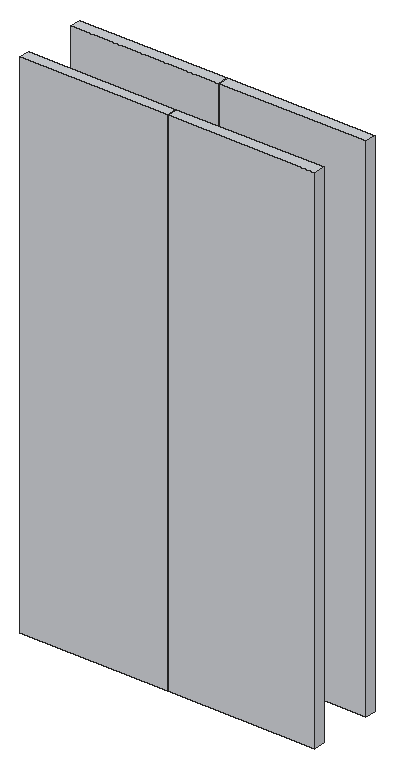
Revit family "DOOR_Double Blind", category Doors, host Wall, Revit 2024
Family settings
  Host = Wall
  Always vertical = Yes
  Cut with Voids When Loaded = No
  Shared = No
  Room Calculation Point = No
Parameters (values of type "1200mm x 2100mm")
  Width_Panel = Width / 2  # 600 mm
  Thickness = 45 mm
  Rough Width = Width + (2 * Rough In Gap)  # 1250 mm
  Rough In Gap = 25 mm
  Rough Height [instance] = Height + Rough In Gap  # 2125 mm
  Rabbit Width = 16 mm
  Rabbit Inset Distance from Front Trim = 45 mm
  Rabbit Depth = 25 mm
  Height = 2100 mm
  Wall Closure = By host
  Width = 1200 mm
  Function = Interior
  Frame Trim Width = 50 mm
  Frame Trim Thickness = 12.5 mm
  EA_Repath [instance] = 0 mm
  Double Swing - Right Door [instance] = yes
  Double Swing - Left Door [instance] = yes
  Double ADA Clearance Lines [instance] = yes
  Door_$Panel_Material [instance] = none
  Door_$Leaf1_3DSwing_Angle [instance] = 0.00°
  Door_$Leaf1_2DSwing_Angle [instance] = 90.00°
  Define Thermal Properties by = Schematic Type
  Assembly Code = "C1020"
  Analytic Construction = "<None>"
  Single ADA Clearance Lines [instance] = yes
Types (6, lengths in mm): name | Width_Panel | Rough Width | Rough Height | Height | Width
  1200mm x 2700mm | 600 | 1250 | 2725 | 2700 | 1200
  1800mm x 2700mm | 900 | 1850 | 2725 | 2700 | 1800
  1800mm x 2400mm | 900 | 1850 | 2425 | 2400 | 1800
  1800mm x 2100mm | 900 | 1850 | 2125 | 2100 | 1800
  1200mm x 2400mm | 600 | 1250 | 2425 | 2400 | 1200
  1200mm x 2100mm | 600 | 1250 | 2125 | 2100 | 1200
Reference planes
  plane 1 "Center (Front/Back)": y = 0
  plane 2 "Center (Left/Right)": x = 0
  plane 3 "Left": x = -600
  plane 4 "Right": x = 600
  plane 5 "Top": z = 2100
  plane 6: y = 152.4
  plane 7: y = -152.4
  plane 8: x = -555
  plane 9: x = 555
Lines and regions (mm)
  Opening 1
    outline origin (-2286, -152.4, 0) x (1, 0, 0) y (0, 0, 1)
      loop
        line (1686, 0) -> (2886, 0) -> (2886, 2100) -> (1686, 2100) -> (1686, 0)
  symbolic lines, style "Elevation Swing"
    curve 1: line (0, 152.4, 0) -> (-600, 152.4, 1050)
    curve 2: line (-600, 152.4, 1050) -> (0, 152.4, 2100)
    curve 3: line (0, 152.4, 0) -> (600, 152.4, 1050)
    curve 4: line (600, 152.4, 1050) -> (0, 152.4, 2100)
  symbolic lines, style "ADA Clearance Lines", visible <- "Single ADA Clearance Lines"
    curve 5: line (-555, 1676.4, 0) -> (555, 1676.4, 0)
    curve 6: line (-555, -1371.6, 0) -> (-555, 1676.4, 0)
    curve 7: line (555, -1371.6, 0) -> (-555, -1371.6, 0)
    curve 8: line (555, 1676.4, 0) -> (555, -1371.6, 0)
  symbolic lines, style "ADA Clearance Lines", visible <- "Double ADA Clearance Lines"
    curve 9: line (-555, 1676.4, 0) -> (555, 1676.4, 0)
    curve 10: line (-555, -1676.4, 0) -> (-555, 1676.4, 0)
    curve 11: line (555, -1676.4, 0) -> (-555, -1676.4, 0)
    curve 12: line (555, 1676.4, 0) -> (555, -1676.4, 0)
  symbolic lines, style "Plan Swing"
    curve 13: line (0, -152.4, 0) -> (0, 152.4, 0)
Text (mm)
  text "Exterior" at (-1904.17, 693.701, 0), in view "Ref. Level"
  text "Interior" at (-1904.17, -638.649, 0), in view "Ref. Level"
  text "Exterior" at (0, 1019.848, 3124.603), in view "Right"
  text "Interior" at (0, -1635.541, 3124.603), in view "Right"
  text "Interior" at (0, -787.806, 3124.376), in view "Left"
  text "Exterior" at (0, 1386.095, 3124.376), in view "Left"
Dimensions and locks
  equal spacing: plane 3 "Left", plane 2 "Center (Left/Right)", plane 4 "Right"
  "Height": level to plane 5 "Top"
  "Width": plane 3 "Left" to plane 4 "Right"
  equal spacing: host wall, curve 2, plane 5 "Top"
  equal spacing: level, curve 4, plane 5 "Top"
  curve 5 to plane 6 = 1524 mm
  curve 7 to plane 7 = 1219.2 mm
  curve 9 to plane 6 = 1524 mm
  curve 11 to plane 7 = 1524 mm
  "Rabbit Inset Distance from Front Trim": plane 9 to plane 4 "Right"
  "Rabbit Inset Distance from Front Trim": plane 3 "Left" to plane 8
  aligned and locked: Opening 1 sketch curve to level
  aligned and locked: plane 3 "Left" to curve 1
  aligned and locked: plane 5 "Top" to curve 2
  aligned and locked: nested 1 to plane 3 "Left"
  aligned and locked: nested 2 to plane 4 "Right"
  aligned and locked: nested 1 to curve 1
  aligned and locked: Opening 1 sketch curve to plane 3 "Left"
  aligned and locked: plane 5 "Top" to Opening 1 sketch curve
  aligned and locked: plane 4 "Right" to Opening 1 sketch curve
  aligned and locked: nested 1 to host wall
  aligned and locked: host wall to nested 2
  aligned and locked: plane 7 to host wall
  aligned and locked: plane 6 to host wall
  aligned and locked: plane 4 "Right" to nested 4  (x2)
  aligned and locked: plane 7 to nested 3  (x2)
  aligned and locked: nested 4 to plane 7
  aligned and locked: plane 3 "Left" to nested 3  (x2)
  aligned and locked: plane 2 "Center (Left/Right)" to curve 13
  aligned and locked: plane 6 to curve 13
  aligned and locked: plane 7 to curve 13
  aligned and locked: plane 6 to nested 1
  aligned and locked: plane 3 "Left" to nested 1
  aligned and locked: plane 7 to nested 4
  aligned and locked: plane 6 to nested 2
  aligned and locked: plane 4 "Right" to nested 2
  aligned and locked: curve 12 to plane 9
  aligned and locked: curve 6 to plane 8
  aligned and locked: curve 10 to curve 6
Automatic sketch dimensions
  curve 1 to level = 0 mm
  curve 2 to plane 2 "Center (Left/Right)" = 0 mm
  curve 3 to plane 4 "Right" = 0 mm
  curve 4 to plane 2 "Center (Left/Right)" = 0 mm
  curve 3 to level = 0 mm
  curve 3 to plane 2 "Center (Left/Right)" = 0 mm
  curve 4 to plane 5 "Top" = 0 mm
Nested families
  nested 1: "Door_Panel_Adjustable" at (-600, 152.4, 0), Panel Thickness <- "Thickness", Panel Width <- "Width_Panel", Panel Height <- "Height", Panel Material <- "Door_$Panel_Material", Opening Angle <- "Door_$Leaf1_3DSwing_Angle", Plan Swing Angle <- "Door_$Leaf1_2DSwing_Angle", type "Door_Panel_Adjustable"
    with Plan Swing Angle 90.00°, Panel Width 600 mm, Panel Thickness 45 mm, Panel Material none, Panel Height 2100 mm, Opening Angle 0.00°
  nested 2: "Door_Panel_Adjustable" at (600, 152.4, 0) x (-1, 0, 0) z (0, 0, 1), Panel Thickness <- "Thickness", Panel Width <- "Width_Panel", Panel Height <- "Height", Panel Material <- "Door_$Panel_Material", Opening Angle <- "Door_$Leaf1_3DSwing_Angle", Plan Swing Angle <- "Door_$Leaf1_2DSwing_Angle", type "Door_Panel_Adjustable"
    with Plan Swing Angle 90.00°, Panel Width 600 mm, Panel Thickness 45 mm, Panel Material none, Panel Height 2100 mm, Opening Angle 0.00°
  nested 3: "Door_Panel_Adjustable" at (-600, -152.4, 0), Panel Thickness <- "Thickness", Panel Width <- "Width_Panel", Panel Height <- "Height", Panel Material <- "Door_$Panel_Material", Opening Angle <- "Door_$Leaf1_3DSwing_Angle", visible <- "Double Swing - Left Door", Plan Swing Angle <- "Door_$Leaf1_2DSwing_Angle", type "Door_Panel_Adjustable"
    with Plan Swing Angle 90.00°, Panel Width 600 mm, Panel Thickness 45 mm, Panel Material none, Panel Height 2100 mm, Opening Angle 0.00°
  nested 4: "Door_Panel_Adjustable" at (600, -152.4, 0) x (-1, 0, 0) z (0, 0, 1), Panel Thickness <- "Thickness", Panel Width <- "Width_Panel", Panel Height <- "Height", Panel Material <- "Door_$Panel_Material", Opening Angle <- "Door_$Leaf1_3DSwing_Angle", visible <- "Double Swing - Right Door", Plan Swing Angle <- "Door_$Leaf1_2DSwing_Angle", type "Door_Panel_Adjustable"
    with Plan Swing Angle 90.00°, Panel Width 600 mm, Panel Thickness 45 mm, Panel Material none, Panel Height 2100 mm, Opening Angle 0.00°
Definition of nested family "Door_Panel_Adjustable"
  Parameters
    Plan Swing Angle [instance] = 120.00°
    Panel Width [instance] = 914.4 mm
    Panel Thickness [instance] = 50.8 mm
    Panel Material [instance] = none
    Panel Height [instance] = 2133.6 mm
    Opening Angle [instance] = 45.00°
    Default Elevation = 1219.2 mm
    Assembly Code = ""
  Reference planes
    plane 1 "Center (Front/Back)": y = 0
    plane 2: z = 0
    plane 3 "Center (Left/Right)": x = 0
  Forms (mm)
    Extrusion 1, solid, material <- "Panel Material"
      sketch origin (0, 0, 0) x (0.707107, 0.707107, 0) y (0, 0, 1)
        loop
          line (0, 0) -> (914.4, 0) -> (914.4, 2133.6) -> (0, 2133.6) -> (0, 0)
      from 0 to 50.8 <- "Panel Thickness"
  Lines and regions (mm)
    reference lines
      curve 1: line (0, 0, 0) -> (646.578, 646.578, 0)
  Dimensions and locks
    "Panel Width": curve 1 to curve 1
    "Panel Width": Extrusion 1 sketch curve to Extrusion 1 sketch curve
    "Panel Height": Extrusion 1 sketch curve to Extrusion 1 sketch curve
    "Opening Angle": angle plane 1 "Center (Front/Back)" to curve 1
    aligned and locked: plane 3 "Center (Left/Right)" to curve 1
    aligned and locked: plane 3 "Center (Left/Right)" to nested 1
    aligned and locked: plane 1 "Center (Front/Back)" to nested 1
  Automatic sketch dimensions
    curve 1 to plane 1 "Center (Front/Back)" = 0 mm
    Extrusion 1 sketch curve to curve 1 = 0 mm  (x2)
  Nested families
    nested 1: "Door_Panel_Linework" at (0, 0, 0), type "door panel swing"
  Definition of nested family "Door_Panel_Linework"
    Parameters
      Panel Thickness = 50.8 mm
      Panel Swing = 120.00°
      Panel Length = 914.4 mm
      Invisible Line_Height = 2133.6 mm
      Default Elevation = 1219.2 mm
      Assembly Code = ""
    Reference planes
      plane 1 "Center (Front/Back)": y = 0
      plane 2: z = 0
      plane 3 "Center (Left/Right)": x = 0
    Lines and regions (mm)
      symbolic lines
        curve 1: line (0, 0, 0) -> (-457.2, 791.894, 0)
        curve 2: line (-457.2, 791.894, 0) -> (-413.206, 817.294, 0)
        curve 3: line (0, 0, 0) -> (43.994, 25.4, 0)
        curve 4: line (43.994, 25.4, 0) -> (-413.206, 817.294, 0)
        curve 5: arc (-457.2, 791.894, 0) -> (458.618, 791.073, 0) -> (914.394, -3.277, 0) r 914.4
      model lines
        curve 6: line (0, 0, 0) -> (0, 0, 2133.6)
    Dimensions and locks
      "Panel Thickness": curve 4 to curve 1
      "Panel Length": curve 3 to curve 2
      locked: curve 5 to plane 1 "Center (Front/Back)" at 3.277
      "Invisible Line_Height": curve 6 to level
      "Panel Swing": angle plane 1 "Center (Front/Back)" to curve 1
    Automatic sketch dimensions
      curve 5 to plane 1 "Center (Front/Back)" = 0 mm
      curve 5 to plane 3 "Center (Left/Right)" = 0 mm
      curve 3 to plane 1 "Center (Front/Back)" = 0 mm
      curve 3 to plane 3 "Center (Left/Right)" = 0 mm
      curve 6 to level = 0 mm
      plane 1 "Center (Front/Back)" to curve 6 = 0 mm
